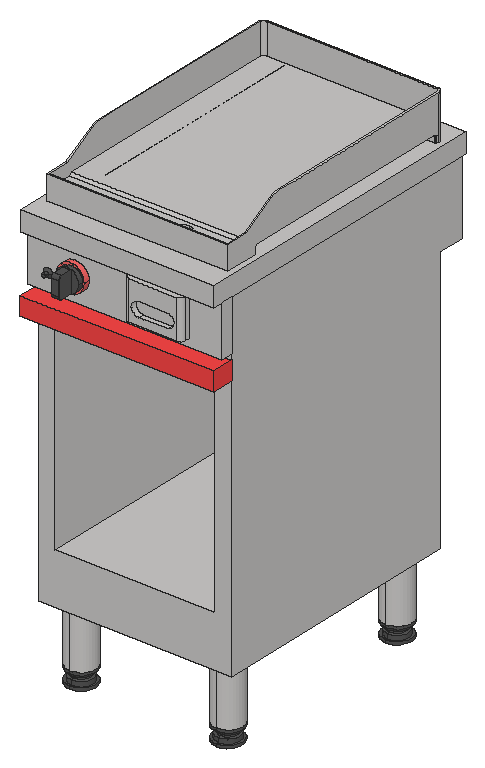
Revit family "ADB Armoire Gril Gaz 410", category Equipement spécialisé, Revit 2022
Family settings
  Cote de connecteur circulaire = Utiliser le diamètre
  Type d'élément = Normal
  Numéro OmniClass = 23.40.40.14.17.11
  Titre OmniClass = Cookers, Ovens, Stoves
  Basée sur le plan de construction = Non
  Toujours verticalement = Oui
  Couper avec des vides une fois chargée = Non
  Conserver l'orientation des annotations = Non
  Partagée = Non
  Repère de localisation dans la pièce = Non
Parameters (values of type "CMG 410 SLKC")
  URL catalogue = "https://www.ambassade-de-bourgogne.com/fr/produits/armoires/grils/Resources/CMG-410-SLKC.pdf"
  URL = "https://www.ambassade-de-bourgogne.com/fr/produits/armoires/grils/Resources/CMG-410-SLKC.pdf"
  Type de Raccord Electrique [instance] = "Bornier 40A"  # constant formula
  Type article = ""
  Tension [instance] = 230 V  # constant formula
  Table = CME_CMG 410 SLK_SLKC : SLKC
  Spécification du Fabricant = ""
  SLK_SLKC = yes
  Remarques Electricité [instance] = "230V(MONO) commutable 400V(TRI)"  # constant formula
  Puissance électrique [instance] = 0 W  # constant formula
  Puissance Gaz kW = 6  # constant formula
  Position interrupteur = 790.062 mm
  Position bouton = 97 mm
  Porte inversée [instance] = no
  Profondeur [instance] = 652 mm + if(Dosseret DSA 400, 50 mm, 0 mm) + if(Porte CPM 400, 53 mm, 0 mm)  # 652 mm
  Porte CPM 400 [instance] = no
  Poids net à vide [instance] = Poids base + if(Dosseret DSA 400, 1.00 kg, 0.00 kg) + if(Porte CPM 400, 5.00 kg, 0.00 kg)  # 68.00 kg
  Poids base [instance] = 68.00 kg
  Phase [instance] = 1  # constant formula
  Nombres de Pôles [instance] = Phase  # 1
  Modèle = "CMG 410 SLKC"
  Longueur [instance] = 400 mm  # constant formula
  Intensité nominale [instance] = Puissance électrique / (230 V * Phase)  # 0 A
  Hauteur [instance] = if(GR_GL, 1015 mm, if(SLK_SLKC, 990 mm, if(and(CKG, Dosseret DSA 400), 1000 mm, 980 mm)))  # 990 mm
  GR_GL = no
  Fréquence [instance] = 50 Hz  # constant formula
  Fabricant = "Société Industrielle de Lacanche"  # constant formula
  F = 810 mm
  Elévation par défaut = 0 mm
  Echelles ECH 400 [instance] = no
  E = 355 mm
  Dosseret DSA 400 [instance] = no
  Dosseret [instance] = if(Dosseret DSA 400, 50 mm, 0 mm)  # 0 mm
  Diamètre de Raccordement Gaz = 20.96 mm  # constant formula
  Description = "Gril chrome lisse gaz"
  Connecteurs [instance] = yes
  Commentaires du type = "Gamme Ambassade - Grils et planchas gaz"
  D = 725 mm
  CKG = no
  C = 200 mm
  Bac = yes
Types (5, lengths in mm): name | URL catalogue | URL | Table | SLK_SLKC | Position interrupteur | Position bouton | Poids net à vide | Poids base | Modèle | Hauteur | GR_GL | Description | CKG | Bac
  CMG 410 GR | "https://www.ambassade-de-bourgogne.com/fr/produits/armoires/grils/Resources/CMG-410-GR.pdf" | "https://www.ambassade-de-bourgogne.com/fr/produits/armoires/grils/Resources/CMG-410-GR.pdf" | CME_CMG 410 GR_GL : GR | no | 790.062 | 97 | 68.00 kg | 68.00 kg | "CMG 410 GR" | 1015 | yes | "Gril fonte nervuré gaz" | no | yes
  CMG 410 GL | "https://www.ambassade-de-bourgogne.com/fr/produits/armoires/grils/Resources/CMG-410-GL.pdf" | "https://www.ambassade-de-bourgogne.com/fr/produits/armoires/grils/Resources/CMG-410-GL.pdf" | CME_CMG 410 GR_GL : GL | no | 790.062 | 97 | 68.00 kg | 68.00 kg | "CMG 410 GL" | 1015 | yes | "Gril fonte lisse gaz" | no | yes
  CMG 410 SLK | "https://www.ambassade-de-bourgogne.com/fr/produits/armoires/grils/Resources/CMG-410-SLK.pdf" | "https://www.ambassade-de-bourgogne.com/fr/produits/armoires/grils/Resources/CMG-410-SLK.pdf" | CME_CMG 410 SLK_SLKC : SLK | yes | 790.062 | 97 | 68.00 kg | 68.00 kg | "CMG 410 SLK" | 990 | no | "Gril acier lisse gaz" | no | yes
  CMG 410 SLKC | "https://www.ambassade-de-bourgogne.com/fr/produits/armoires/grils/Resources/CMG-410-SLKC.pdf" | "https://www.ambassade-de-bourgogne.com/fr/produits/armoires/grils/Resources/CMG-410-SLKC.pdf" | CME_CMG 410 SLK_SLKC : SLKC | yes | 790.062 | 97 | 68.00 kg | 68.00 kg | "CMG 410 SLKC" | 990 | no | "Gril chrome lisse gaz" | no | yes
  CMG 410 CKG | "https://www.ambassade-de-bourgogne.com/fr/produits/armoires/grils/Resources/CMG-410-CKG.pdf" | "https://www.ambassade-de-bourgogne.com/fr/produits/armoires/grils/Resources/CMG-410-CKG.pdf" | CMG410 CKG_gril gaz : CKG | no | 804.5 | 110 | 64.00 kg | 64.00 kg | "CMG 410 CKG" | 980 | no | "Gril Gaz à pierre de lave" | yes | no
Reference planes
  plane 1 "Centre (avant/arrière)": y = 0
  plane 2: z = 0
  plane 3 "Centre (gauche/droite)": x = 0
  plane 4 "gauche": x = -200
  plane 5 "droite": x = 200
  plane 6 "fond de meuble": y = 325
  plane 7 "avant": y = -325
  plane 8 "arrière": y = 325
  plane 9: z = 990
  plane 10: x = 0
  plane 11: z = 725
  plane 12: x = -155
  plane 13: z = 810
  plane 14: x = -103
  plane 15 "Interrupteur": z = 790.062
  plane 16: y = -327
Forms (mm)
  Extrusion 1, solid, material "ADB_Network_Electricity_Yellow", visible <- "Connecteurs", detail levels medium+fine
    sketch origin (200, 315, 707) x (-1, 0, 0) y (0, 0, 1)
      loop
        circle (200, 18) r 10
    from 0 to 10
  Extrusion 2, solid, detail levels coarse
    sketch origin (0, 0, 0) x (1, 0, 0) y (0, 1, 0)
      loop
        line (-200, 325.033) -> (-200, -327) -> (200, -327) -> (200, 325.033) -> (-200, 325.033)
    from 0 to 990 <- "Hauteur"
  Extrusion 3, solid, material "ADB_Stainless Steel-Polished", visible <- "Bac", detail levels fine
    sketch origin (121.5, 0, 0) x (1, 0, 0) y (0, 1, 0)
      loop
        arc (-110, -313.5) -> (-107.218, -320.218) -> (-100.5, -323) r 9.5
        line (-100.5, -323) -> (0.5, -323)
        arc (0.5, -323) -> (7.218, -320.218) -> (10, -313.5) r 9.5
        line (10, -313.5) -> (10, -306) -> (-110, -306) -> (-110, -313.5)
    from 770 to 850
  Extrusion 4, void
    sketch origin (309.416, -306, 860) x (-1, 0, 0) y (0, 0, -1)
      loop
        arc (267.812, 45) -> (282.812, 60) -> (267.812, 75) r 15
        line (267.812, 75) -> (208.021, 75)
        arc (208.021, 75) -> (193.021, 60) -> (208.021, 45) r 15
        line (208.021, 45) -> (267.812, 45)
    from 5 to 38.602
  Revolve 5, solid, material "ADB_Plastic-Black", detail levels fine
    sketch origin (0, 0, 790.062) x (0, -1, 0) y (1, 0, 0)
      loop
        line (306, -168) -> (311, -163) -> (317, -163) -> (317, -159) -> (306, -159) -> (306, -168)
      axis (306, -159) -> (317, -159)
    angle from 0 to 360
  Extrusion 6, solid, material "ADB_Network_Gas_Red", visible <- "Connecteurs", detail levels medium+fine
    sketch origin (45, 315, 777) x (-1, 0, 0) y (0, 0, 1)
      loop
        circle (200, 33) r 10
    from 0 to 10
Cuts and joins
  Extrusion 4 cuts Extrusion 3
Dimensions and locks
  equal spacing: plane 5 "droite", plane 3 "Centre (gauche/droite)", plane 4 "gauche"
  "Longueur": plane 5 "droite" to plane 4 "gauche"
  plane 6 "fond de meuble" to plane 7 "avant" = 650 mm
  locked: plane 7 "avant" to plane 1 "Centre (avant/arrière)" at 325
  "Dosseret": plane 8 "arrière" to plane 6 "fond de meuble"
  "Hauteur": plane 9 to plane 2
  "D": plane 2 to plane 11
  "C": plane 5 "droite" to plane 10
  locked: Extrusion 3 sketch curve to Extrusion 3 sketch curve at 120
  "E": plane 5 "droite" to plane 12
  "F": plane 13 to level
  "Position bouton": plane 4 "gauche" to plane 14
  "Position interrupteur": plane 15 "Interrupteur" to level
  "Profondeur": plane 8 "arrière" to plane 16
  aligned and locked: level to plane 2
  aligned and locked: plane 3 "Centre (gauche/droite)" to nested 1
  aligned and locked: Extrusion 1 sketch curve to plane 10
  aligned and locked: plane 11 to Extrusion 1 sketch curve
  aligned and locked: plane 3 "Centre (gauche/droite)" to nested 3
  aligned and locked: plane 12 to Extrusion 6 sketch curve
  aligned and locked: plane 13 to Extrusion 6 sketch curve
  aligned and locked: nested 2 to plane 14
  aligned and locked: Extrusion 2 to plane 16
Automatic sketch dimensions
  Extrusion 2 sketch curve to plane 4 "gauche" = 0 mm
  Extrusion 2 sketch curve to plane 5 "droite" = 0 mm
  Extrusion 2 sketch curve to plane 7 "avant" = 2 mm
  plane 8 "arrière" to Extrusion 2 sketch curve = 0.033 mm
  plane 4 "gauche" to Extrusion 3 sketch curve = 211.5 mm
  plane 7 "avant" to Extrusion 3 sketch curve = 11.5 mm
  Extrusion 3 sketch curve to Extrusion 3 sketch curve = 9.5 mm  (x2)
  plane 7 "avant" to Extrusion 3 sketch curve = 19 mm
  Extrusion 4 sketch curve to nested 1 = 45 mm
  nested 1 to Extrusion 4 sketch curve = 301.396 mm
  Extrusion 4 sketch curve to Extrusion 4 sketch curve = 59.792 mm
  Extrusion 4 sketch curve to Extrusion 4 sketch curve = 15 mm
  plane 7 "avant" to Revolve 5 sketch curve = 19 mm
  Revolve 5 sketch curve to Revolve 5 sketch curve = 5 mm
  Revolve 5 sketch curve to Revolve 5 sketch curve = 6 mm
  Revolve 5 sketch curve to plane 12 = 13 mm
  Revolve 5 sketch curve to plane 12 = 8 mm
  Revolve 5 sketch curve to plane 12 = 4 mm
  Revolve 5 sketch curve to Revolve 5 sketch curve = 0 mm  (x2)
  Revolve 5 sketch curve to Revolve 5 sketch curve = 0.5 mm
  radius of Extrusion 1 sketch curve = 10 mm
  radius of Extrusion 6 sketch curve = 10 mm
Nested families
  nested 1: "Soubassement armoire" at (0, 0, 0), Dosseret <- "Dosseret DSA 400", Porte <- "Porte CPM 400", Porte inversée <- "Porte inversée", Echelle <- "Echelles ECH 400", type "1 armoire"
    with Profondeur 703 mm, Porte inversée no, Porte no, Longueur 400 mm, Hauteur 900 mm, Encombrement Porte standard no, Encombrement Porte inversée no, Echelle no, Décalage poignée 233.5 mm, Dosseret no, Longueur produit 400 mm
  nested 2: "Bouton" at (-103, -306, 804.565) x (1, 0, 0) z (0, -1, 0), type "Bouton"
  nested 3: "CME_CMG 410 SLK_SLKC" at (0, 0, 900), type <- "Table", type "SLKC", detail levels medium+fine
Connectors
  electrical at (0, 315, 725), driven by "Nombres de Pôles", driven by "Tension", driven by "Puissance électrique"
    settings: on Extrusion 1, index 1, voltage 230 V, apparent load 0 VA, apparent load phase1 0 VA, apparent load phase2 0 VA, apparent load phase3 0 VA, power factor 1, load classification "Autre", number of poles 1, system type 30, power factor state 1, is connector primary yes, connector utility no, sub classification motor no, connector description "Electrique"
  piping at (-155, 315, 810), diameter 20.96, driven by "Diamètre de Raccordement Gaz"
    settings: on Extrusion 6, index 2, connector inside diameter 609.60 mm, connector length 0 mm, flow factor 0, pipe flow 0.0 L/s, pressure drop 0.0 Pa, fitting loss kfactor 0, connector angle 0.00°, fixture units 0, engagement length 0 mm, angle of deflection 0.00°, flow configuration 0, flow direction 1, fitting loss method 0, system type 29, joint type 0, gender type 0, connector reference index -1, connector utility 0, adjustable connector no, is connector primary yes, connector description "Gaz"
Definition of nested family "Soubassement armoire"
  Parameters (values of type "1 armoire")
    Profondeur produit = 650 mm
    Profondeur baie libre = if(Baie libre, Profondeur produit - 68 mm, 1 mm)  # 582 mm
    Porte inversée [instance] = no
    Longueur poignée = 229 mm  # constant formula
    Encombrement Porte inversée [instance] = and(Porte, Porte inversée)  # no
    Encombrement Porte standard [instance] = and(Porte, not(Porte inversée))  # no
    Porte [instance] = no
    Profondeur [instance] = Profondeur produit + if(Dosseret, 50 mm, 0 mm) + 53 mm  # 703 mm
    Longueur produit = 600 mm
    Longueur [instance] = Longueur produit  # 600 mm
    Hauteur produit = 900 mm
    Hauteur [instance] = Hauteur produit + if(Dosseret, 100 mm, 0 mm)  # 900 mm
    Default Elevation = 0 mm
    Echelle [instance] = no
    Décalage poignée [instance] = if(Porte inversée, Longueur, 233.5 mm)  # 233.5 mm
    Dosseret [instance] = no
    Baie libre = yes
  Reference planes
    plane 1 "Centre (avant/arrière)": y = 0
    plane 2: z = 0
    plane 3 "Centre (gauche/droite)": x = 0
    plane 4 "Gauche": x = -300
    plane 5 "Arrière": y = 325
    plane 6 "Droite": x = 300
    plane 7 "Avant": y = -325
    plane 8 "dessous meuble": z = 155
    plane 9 "Dessus de plan": z = 900
    plane 10 "Baguette coloré": z = 696
    plane 11 "dessous plan": z = 860
    plane 12 "Face": y = -280
    plane 13 "commande": z = 755
    plane 14 "dessus dosseret": z = 900
    plane 15: y = -377.967
    plane 16: y = 325.033
    plane 17 "Baguette colorë": y = -780
    plane 18: x = -66.5
  Forms (mm)
    Extrusion 1, solid, visible <- "Porte", detail levels medium+fine
      sketch origin (-300, 0, 0) x (0, 1, 0) y (0, 0, 1)
        loop
          line (-325, 155) -> (-280, 155) -> (-280, 696) -> (-325, 696) -> (-325, 155)
      from 0 to 600 <- "Longueur"
    Extrusion 2, solid, detail levels medium+fine
      sketch origin (-300, 0, 0) x (0, 1, 0) y (0, 0, 1)
        loop
          line (-280, 742.5) -> (-327, 742.5) -> (-327, 705) -> (-280, 705) -> (-280, 742.5)
      from 0 to 600 <- "Longueur"
    Extrusion 3, solid, detail levels medium+fine
      sketch origin (-300, 0, 0) x (0, 1, 0) y (0, 0, 1)
        loop
          line (325, 900) -> (-325, 900) -> (-325, 860) -> (325, 860) -> (325, 900)
      from 0 to 600 <- "Longueur"
    Extrusion 4, void
      sketch origin (0, -325, 0) x (-1, 0, 0) y (0, 0, 1)
        loop
          line (266, 679) -> (-266, 679) -> (-266, 261.5) -> (266, 261.5) -> (266, 679)
      from 0 to 582 <- "Profondeur baie libre"
    Extrusion 5, solid, detail levels medium+fine
      sketch origin (-300, 0, 0) x (0, 1, 0) y (0, 0, 1)
        loop
          line (-280, 860) -> (-306, 860) -> (-306, 755) -> (-280, 755) -> (-280, 860)
      from 0 to 600 <- "Longueur"
    Extrusion 6, solid, detail levels medium+fine
      sketch origin (-300, 0, 0) x (0, 1, 0) y (0, 0, 1)
        loop
          line (315, 860) -> (-280, 860) -> (-280, 155) -> (260, 155) -> (260, 707) -> (315, 707) -> (315, 860)
      from 0 to 600 <- "Longueur"
    Revolve 7, solid, detail levels medium+fine
      sketch origin (251.965, 0, 0) x (0, 1, 0) y (0, 0, -1)
        loop
          line (-258.968, -155) -> (-229, -155) -> (-229, 0) -> (-258.492, 0) -> (-258.492, -5) -> (-253.001, -5) -> (-253.001, -13.586) -> (-248.857, -16.488) -> (-248.857, -22) -> (-252.82, -22) -> (-258.968, -28.148) -> (-258.968, -34) -> (-258.968, -155)
        axis (-229, 0) -> (-229, -155)
      angle from 0 to 360
    Revolve 8, solid, detail levels medium+fine
      sketch origin (-251.965, 0, 0) x (0, 1, 0) y (0, 0, 1)
        loop
          line (-258.968, 155) -> (-258.968, 34) -> (-258.968, 28.148) -> (-252.82, 22) -> (-248.857, 22) -> (-248.857, 16.488) -> (-253.001, 13.586) -> (-253.001, 5) -> (-258.492, 5) -> (-258.492, 0) -> (-229, 0) -> (-229, 155) -> (-258.968, 155)
        axis (-229, 0) -> (-229, 155)
      angle from 0 to 360
    Revolve 9, solid, detail levels medium+fine
      sketch origin (-251.965, -20, 0) x (0, -1, 0) y (0, 0, -1)
        loop
          line (-258.968, -155) -> (-229, -155) -> (-229, 0) -> (-258.492, 0) -> (-258.492, -5) -> (-253.001, -5) -> (-253.001, -13.586) -> (-248.857, -16.488) -> (-248.857, -22) -> (-252.82, -22) -> (-258.968, -28.148) -> (-258.968, -34) -> (-258.968, -155)
        axis (-229, 0) -> (-229, -155)
      angle from 0 to 360
    Extrusion 10, solid, visible <- "Dosseret", detail levels medium+fine
      sketch origin (-300, 0, 0) x (0, 1, 0) y (0, 0, 1)
        loop
          line (375.033, 1000) -> (325, 1000) -> (325, 860) -> (375.033, 860) -> (375.033, 1000)
      from 0 to 600 <- "Longueur"
    Revolve 11, solid, detail levels medium+fine
      sketch origin (251.965, -20, 0) x (0, -1, 0) y (0, 0, 1)
        loop
          line (-258.968, 155) -> (-258.968, 34) -> (-258.968, 28.148) -> (-252.82, 22) -> (-248.857, 22) -> (-248.857, 16.488) -> (-253.001, 13.586) -> (-253.001, 5) -> (-258.492, 5) -> (-258.492, 0) -> (-229, 0) -> (-229, 155) -> (-258.968, 155)
        axis (-229, 0) -> (-229, 155)
      angle from 0 to 360
    Extrusion 12, void
      sketch origin (0, 0, 900) x (0, -1, 0) y (1, 0, 0)
        loop
          line (-307.033, -266.567) -> (-293.033, -266.567) -> (-293.033, 266.464) -> (-307.033, 266.464) -> (-307.033, -266.567)
      from 0 to -0.8
    Extrusion 13, solid, detail levels medium+fine
      sketch origin (-300, 260, 155) x (0, 0, 1) y (1, 0, 0)
        loop
          line (65, 454) -> (65, 146) -> (552, 146) -> (552, 454) -> (65, 454)
      from 0 to 35
    Extrusion 14, solid, visible <- "Echelle", detail levels medium+fine
      sketch origin (0, 0, 0) x (1, 0, 0) y (0, 0, 1)
        loop
          line (-266, 648.8) -> (-266, 623.8) -> (-256.5, 623.8) -> (-256.5, 625) -> (-264.8, 625) -> (-264.8, 647.6) -> (-248, 647.6) -> (-248, 648.8) -> (-266, 648.8)
        loop
          line (-266, 548.8) -> (-266, 523.8) -> (-256.5, 523.8) -> (-256.5, 525) -> (-264.8, 525) -> (-264.8, 547.6) -> (-248, 547.6) -> (-248, 548.8) -> (-266, 548.8)
        loop
          line (-266, 448.8) -> (-266, 423.8) -> (-256.5, 423.8) -> (-256.5, 425) -> (-264.8, 425) -> (-264.8, 447.6) -> (-248, 447.6) -> (-248, 448.8) -> (-266, 448.8)
        loop
          line (-266, 348.8) -> (-266, 323.8) -> (-256.5, 323.8) -> (-256.5, 325) -> (-264.8, 325) -> (-264.8, 347.6) -> (-248, 347.6) -> (-248, 348.8) -> (-266, 348.8)
      from -113.466 to 206.5
    Extrusion 15, solid, visible <- "Echelle", detail levels medium+fine
      sketch origin (0, 0, 0) x (-1, 0, 0) y (0, 0, -1)
        loop
          line (-266, -648.8) -> (-248, -648.8) -> (-248, -647.6) -> (-264.8, -647.6) -> (-264.8, -625) -> (-256.5, -625) -> (-256.5, -623.8) -> (-266, -623.8) -> (-266, -648.8)
        loop
          line (-266, -548.8) -> (-248, -548.8) -> (-248, -547.6) -> (-264.8, -547.6) -> (-264.8, -525) -> (-256.5, -525) -> (-256.5, -523.8) -> (-266, -523.8) -> (-266, -548.8)
        loop
          line (-266, -448.8) -> (-248, -448.8) -> (-248, -447.6) -> (-264.8, -447.6) -> (-264.8, -425) -> (-256.5, -425) -> (-256.5, -423.8) -> (-266, -423.8) -> (-266, -448.8)
        loop
          line (-266, -348.8) -> (-248, -348.8) -> (-248, -347.6) -> (-264.8, -347.6) -> (-264.8, -325) -> (-256.5, -325) -> (-256.5, -323.8) -> (-266, -323.8) -> (-266, -348.8)
      from -113.466 to 206.5
  Cuts and joins
    Extrusion 4 cuts Extrusion 6
    Extrusion 12 cuts Extrusion 10
  Lines and regions (mm)
    symbolic lines, visible <- "Encombrement Porte standard"
      curve 1: line (300, -280, 155) -> (300, -880, 155)
      curve 4: arc (-300, -280, 155) -> (-124.264, -704.264, 155) -> (300, -880, 155) r 600
    symbolic lines, visible <- "Encombrement Porte inversée"
      curve 2: line (-300, -280, 155) -> (-300, -880, 155)
      curve 3: arc (300, -280, 155) -> (124.264, -704.264, 155) -> (-300, -880, 155) r 600
  Dimensions and locks
    equal spacing: plane 7 "Avant", plane 1 "Centre (avant/arrière)", plane 5 "Arrière"
    "Profondeur produit": plane 5 "Arrière" to plane 7 "Avant"
    equal spacing: plane 4 "Gauche", plane 3 "Centre (gauche/droite)", plane 6 "Droite"
    "Longueur produit": plane 4 "Gauche" to plane 6 "Droite"
    "Hauteur produit": plane 9 "Dessus de plan" to plane 2
    locked: plane 8 "dessous meuble" to plane 2 at 155
    locked: plane 9 "Dessus de plan" to plane 11 "dessous plan" at 40
    locked: plane 7 "Avant" to plane 12 "Face" at 45
    locked: plane 13 "commande" to plane 10 "Baguette coloré" at 59
    locked: plane 11 "dessous plan" to plane 13 "commande" at 105
    Extrusion 4 sketch curve to plane 8 "dessous meuble" = 106.5 mm
    Extrusion 4 sketch curve to plane 6 "Droite" = 34 mm
    Extrusion 4 sketch curve to plane 4 "Gauche" = 34 mm
    plane 10 "Baguette coloré" to Extrusion 4 sketch curve = 17 mm
    "Hauteur": plane 14 "dessus dosseret" to plane 2
    locked: plane 7 "Avant" to plane 15 at 52.967
    "Profondeur": plane 15 to plane 16
    equal spacing: Extrusion 13 sketch curve, plane 3 "Centre (gauche/droite)", Extrusion 13 sketch curve
    "Décalage poignée": plane 18 to plane 4 "Gauche"
    locked: plane 4 "Gauche" to Revolve 9 at 18.067
    locked: Revolve 11 to plane 6 "Droite" at 18.067
    locked: Revolve 7 to plane 6 "Droite" at 18.067
    locked: plane 4 "Gauche" to Revolve 8 at 18.067
    locked: Revolve 8 to plane 12 "Face" at 21.032
    locked: Revolve 7 to plane 12 "Face" at 21.032
    locked: plane 5 "Arrière" to Extrusion 10 sketch curve at 50.033
    plane 16 to Extrusion 12 sketch curve to Extrusion 12 sketch curve = 18 mm locked, 14 mm locked
    aligned and locked: level to plane 2
    aligned and locked: plane 18 to nested 1
  Automatic sketch dimensions
    Extrusion 1 sketch curve to plane 7 "Avant" = 0 mm
    Extrusion 1 sketch curve to plane 10 "Baguette coloré" = 0 mm
    Extrusion 1 sketch curve to plane 12 "Face" = 0 mm
    Extrusion 1 sketch curve to plane 8 "dessous meuble" = 0 mm
    Extrusion 2 sketch curve to plane 12 "Face" = 0 mm
    Extrusion 2 sketch curve to plane 7 "Avant" = 2 mm
    plane 10 "Baguette coloré" to Extrusion 2 sketch curve = 9 mm
    Extrusion 2 sketch curve to plane 13 "commande" = 12.5 mm
    Extrusion 3 sketch curve to plane 7 "Avant" = 0 mm
    Extrusion 3 sketch curve to plane 5 "Arrière" = 0 mm
    Extrusion 3 sketch curve to plane 11 "dessous plan" = 0 mm
    Extrusion 3 sketch curve to plane 9 "Dessus de plan" = 0 mm
    Extrusion 5 sketch curve to plane 11 "dessous plan" = 0 mm
    Extrusion 5 sketch curve to plane 13 "commande" = 0 mm
    Extrusion 5 sketch curve to plane 12 "Face" = 0 mm
    plane 7 "Avant" to Extrusion 5 sketch curve = 19 mm
    Extrusion 6 sketch curve to plane 11 "dessous plan" = 0 mm
    Extrusion 6 sketch curve to plane 12 "Face" = 0 mm
    Extrusion 6 sketch curve to plane 8 "dessous meuble" = 0 mm
    Extrusion 6 sketch curve to plane 5 "Arrière" = 65 mm
    Extrusion 6 sketch curve to plane 5 "Arrière" = 10 mm
    plane 10 "Baguette coloré" to Extrusion 6 sketch curve = 11 mm
    Revolve 7 sketch curve to plane 8 "dessous meuble" = 0 mm
    Revolve 7 sketch curve to level = 0 mm
    plane 12 "Face" to Revolve 7 sketch curve = 21.032 mm
    plane 12 "Face" to Revolve 7 sketch curve = 21.508 mm
    Revolve 7 sketch curve to Revolve 7 sketch curve = 5.491 mm
    Revolve 7 sketch curve to Revolve 7 sketch curve = 0.181 mm
    Revolve 7 sketch curve to Revolve 7 sketch curve = 3.964 mm
    Revolve 7 sketch curve to Revolve 7 sketch curve = 24.001 mm
    level to Revolve 7 sketch curve = 34 mm
    Revolve 7 sketch curve to Revolve 7 sketch curve = 5.852 mm
    Revolve 7 sketch curve to Revolve 7 sketch curve = 6.148 mm
    Revolve 7 sketch curve to Revolve 7 sketch curve = 5.512 mm
    Revolve 7 sketch curve to Revolve 7 sketch curve = 2.902 mm
    level to Revolve 7 sketch curve = 5 mm
    Revolve 7 sketch curve to Revolve 7 sketch curve = 0 mm
    plane 8 "dessous meuble" to Revolve 7 sketch curve = 19 mm
    Revolve 7 sketch curve to Revolve 7 sketch curve = 12 mm
    Revolve 8 sketch curve to plane 8 "dessous meuble" = 0 mm
    Revolve 8 sketch curve to level = 0 mm
    plane 12 "Face" to Revolve 8 sketch curve = 21.032 mm
    plane 12 "Face" to Revolve 8 sketch curve = 21.508 mm
    Revolve 8 sketch curve to Revolve 8 sketch curve = 5.491 mm
    Revolve 8 sketch curve to Revolve 8 sketch curve = 0.181 mm
    Revolve 8 sketch curve to Revolve 8 sketch curve = 3.964 mm
    Revolve 8 sketch curve to Revolve 8 sketch curve = 24.001 mm
    level to Revolve 8 sketch curve = 5 mm
    Revolve 8 sketch curve to Revolve 8 sketch curve = 8.586 mm
    Revolve 8 sketch curve to Revolve 8 sketch curve = 2.902 mm
    Revolve 8 sketch curve to Revolve 8 sketch curve = 5.512 mm
    Revolve 8 sketch curve to Revolve 8 sketch curve = 6.148 mm
    Revolve 8 sketch curve to Revolve 8 sketch curve = 5.852 mm
    Revolve 8 sketch curve to Revolve 8 sketch curve = 0 mm
    Revolve 8 sketch curve to Revolve 8 sketch curve = 12 mm
    plane 8 "dessous meuble" to Revolve 8 sketch curve = 19 mm
    Revolve 9 sketch curve to plane 8 "dessous meuble" = 0 mm
    Revolve 9 sketch curve to level = 0 mm
    level to Revolve 9 sketch curve = 28.148 mm
    Revolve 9 sketch curve to plane 5 "Arrière" = 86.032 mm
    Revolve 9 sketch curve to Revolve 9 sketch curve = 0.477 mm
    level to Revolve 9 sketch curve = 13.586 mm
    Revolve 9 sketch curve to Revolve 9 sketch curve = 5.491 mm
    Revolve 9 sketch curve to Revolve 9 sketch curve = 0.181 mm
    Revolve 9 sketch curve to Revolve 9 sketch curve = 3.964 mm
    Revolve 9 sketch curve to Revolve 9 sketch curve = 24.001 mm
    Revolve 9 sketch curve to Revolve 9 sketch curve = 5.852 mm
    Revolve 9 sketch curve to Revolve 9 sketch curve = 8.414 mm
    Revolve 9 sketch curve to Revolve 9 sketch curve = 2.902 mm
    level to Revolve 9 sketch curve = 5 mm
    Revolve 9 sketch curve to Revolve 9 sketch curve = 0 mm
    plane 8 "dessous meuble" to Revolve 9 sketch curve = 19 mm
    Revolve 9 sketch curve to Revolve 9 sketch curve = 12 mm
    Extrusion 10 sketch curve to plane 5 "Arrière" = 0 mm
    Extrusion 10 sketch curve to plane 11 "dessous plan" = 0 mm
    plane 9 "Dessus de plan" to Extrusion 10 sketch curve = 100 mm
    curve 3 to plane 6 "Droite" = 0 mm
    curve 3 to plane 4 "Gauche" = 0 mm
    curve 4 to plane 4 "Gauche" = 0 mm
    curve 4 to plane 12 "Face" = 0 mm
    curve 2 to plane 12 "Face" = 0 mm
    curve 3 to plane 12 "Face" = 0 mm
    Revolve 11 sketch curve to plane 8 "dessous meuble" = 0 mm
    Revolve 11 sketch curve to level = 0 mm
    level to Revolve 11 sketch curve = 28.148 mm
    Revolve 11 sketch curve to plane 5 "Arrière" = 86.032 mm
    Revolve 11 sketch curve to Revolve 11 sketch curve = 0.477 mm
    level to Revolve 11 sketch curve = 13.586 mm
    Revolve 11 sketch curve to Revolve 11 sketch curve = 5.491 mm
    Revolve 11 sketch curve to Revolve 11 sketch curve = 0.181 mm
    Revolve 11 sketch curve to Revolve 11 sketch curve = 3.964 mm
    Revolve 11 sketch curve to Revolve 11 sketch curve = 24.001 mm
    level to Revolve 11 sketch curve = 5 mm
    Revolve 11 sketch curve to Revolve 11 sketch curve = 2.902 mm
    Revolve 11 sketch curve to Revolve 11 sketch curve = 5.512 mm
    Revolve 11 sketch curve to Revolve 11 sketch curve = 5.852 mm
    Revolve 11 sketch curve to Revolve 11 sketch curve = 0 mm
    Revolve 11 sketch curve to Revolve 11 sketch curve = 12 mm
    plane 8 "dessous meuble" to Revolve 11 sketch curve = 19 mm
    plane 4 "Gauche" to Extrusion 12 sketch curve = 33.433 mm
    plane 6 "Droite" to Extrusion 12 sketch curve = 33.536 mm
    Extrusion 13 sketch curve to Extrusion 6 = 0 mm
    Extrusion 6 to Extrusion 13 sketch curve = 65 mm
    Extrusion 6 to Extrusion 13 sketch curve = 146 mm
    plane 4 "Gauche" to Extrusion 14 sketch curve = 34 mm  (x4)
    Extrusion 14 sketch curve to Extrusion 14 sketch curve = 1.2 mm  (x12)
    Extrusion 14 sketch curve to Extrusion 14 sketch curve = 8.3 mm  (x4)
    Extrusion 14 sketch curve to Extrusion 14 sketch curve = 16.8 mm  (x4)
    plane 8 "dessous meuble" to Extrusion 14 sketch curve = 168.8 mm
    Extrusion 14 sketch curve to Extrusion 14 sketch curve = 22.6 mm  (x4)
    Extrusion 14 sketch curve to Extrusion 14 sketch curve = 75 mm  (x2)
    Extrusion 14 sketch curve to plane 10 "Baguette coloré" = 72.2 mm
    plane 6 "Droite" to Extrusion 15 sketch curve = 34 mm  (x4)
    Extrusion 15 sketch curve to Extrusion 15 sketch curve = 1.2 mm  (x12)
    Extrusion 15 sketch curve to Extrusion 15 sketch curve = 8.3 mm  (x4)
    Extrusion 15 sketch curve to Extrusion 15 sketch curve = 16.8 mm  (x4)
    Extrusion 15 sketch curve to plane 10 "Baguette coloré" = 47.2 mm
    Extrusion 15 sketch curve to Extrusion 15 sketch curve = 22.6 mm  (x4)
    Extrusion 15 sketch curve to Extrusion 15 sketch curve = 75 mm  (x3)
    curve 1 to plane 6 "Droite" = 0 mm
    curve 1 to plane 12 "Face" = 0 mm
  Nested families
    nested 1: "Poignée" at (-181, -325, 681.933) x (1, 0, 0) z (0, -1, 0), visible <- "Porte", Longueur <- "Longueur poignée", type "Poignée", detail levels fine
      with Longueur 229 mm
  Definition of nested family "Poignée"
    Parameters (values of type "Poignée")
      Longueur [instance] = 800 mm
      Default Elevation = 1219.2 mm
    Reference planes
      plane 1 "Centre (avant/arrière)": y = 0
      plane 2: z = 0
      plane 3 "Centre (gauche/droite)": x = 0
      plane 4: x = -400
      plane 5: x = 400
      plane 6: x = -395
      plane 7: x = 395
    Forms (mm)
      Extrusion 1, solid
        sketch origin (0, 0, 0) x (1, 0, 0) y (0, 1, 0)
          loop
            line (-1219.2, 1219.2) -> (-1219.2, -1219.2) -> (1219.2, -1219.2) -> (1219.2, 1219.2) -> (-1219.2, 1219.2)
        from 0 to -304.8
      Extrusion 2, solid
        sketch origin (0, 0, 0) x (0, 1, 0) y (0, 0, 1)
          loop
            circle (0, 38.995) r 13.972
        from -395 to 395
      Extrusion 3, solid
        sketch origin (0, 0, 0) x (1, 0, 0) y (0, 1, 0)
          loop
            circle (-363.542, 0) r 8.5
          loop
            circle (363.453, 0) r 8.5
        from 0 to 37.089
    Cuts and joins
      joined: Extrusion 2, Extrusion 3
    Dimensions and locks
      equal spacing: plane 4, plane 3 "Centre (gauche/droite)", plane 5
      "Longueur": plane 4 to plane 5
      locked: plane 4 to plane 6 at 5
      locked: plane 7 to plane 5 at 5
      locked: plane 6 to Extrusion 3 sketch curve at 31.458
      locked: Extrusion 3 sketch curve to plane 7 at 31.547
      aligned and locked: plane 2 to Extrusion 1
      aligned and locked: level to Extrusion 1
      aligned and locked: plane 6 to Extrusion 2
      aligned and locked: Extrusion 2 to plane 7
      aligned and locked: plane 1 "Centre (avant/arrière)" to Extrusion 3 sketch curve
    Automatic sketch dimensions
      Extrusion 1 sketch curve to Extrusion 1 sketch curve = 2438.4 mm  (x2)
      Extrusion 2 sketch curve to plane 1 "Centre (avant/arrière)" = 0 mm
      level to Extrusion 2 sketch curve = 38.995 mm
      plane 1 "Centre (avant/arrière)" to Extrusion 3 sketch curve = 0 mm
      radius of Extrusion 2 sketch curve = 13.972 mm
      radius of Extrusion 3 sketch curve = 8.5 mm  (x2)
Definition of nested family "Bouton"
  Parameters (values of type "Bouton")
    Matériau base bouton = none
    Default Elevation = 1219.2 mm
  Reference planes
    plane 1 "Centre (avant/arrière)": y = 0
    plane 2: z = 0
    plane 3 "Centre (gauche/droite)": x = 0
  Forms (mm)
    Extrusion 1, solid
      sketch origin (0, 0, 0) x (1, 0, 0) y (0, 1, 0)
        loop
          line (-1219.2, 1219.2) -> (-1219.2, -1219.2) -> (1219.2, -1219.2) -> (1219.2, 1219.2) -> (-1219.2, 1219.2)
      from 0 to -304.8
    Extrusion 2, solid, material <- "Matériau base bouton", detail levels fine
      sketch origin (0, 0, 0) x (1, 0, 0) y (0, 1, 0)
        loop
          circle (0, 0) r 28.5
      from 0 to 11.5
    Extrusion 3, solid, detail levels fine
      sketch origin (0, 0, 0) x (1, 0, 0) y (0, 1, 0)
        loop
          circle (0, 0) r 24.1
      from 11.5 to 20.5
    Extrusion 4, solid, detail levels fine
      sketch origin (0, 0, 0) x (1, 0, 0) y (0, 0, 1)
        loop
          line (-8.082, 20.5) -> (8.082, 20.5) -> (7.58, 49.253)
          arc (7.58, 49.253) -> (6.684, 51.34) -> (4.581, 52.2) r 3
          line (4.581, 52.2) -> (-4.581, 52.2)
          arc (-4.581, 52.2) -> (-6.684, 51.34) -> (-7.58, 49.253) r 3
          line (-7.58, 49.253) -> (-8.082, 20.5)
      from -22.082 to 22.162
    Extrusion 5, void
      sketch origin (0, 0, 0) x (0, 1, 0) y (0, 0, 1)
        loop
          line (-15.762, 50.701) -> (15.682, 50.701)
          arc (15.682, 50.701) -> (20.208, 48.826) -> (22.082, 44.301) r 6.4
          line (22.082, 44.301) -> (22.082, 41.701) -> (24.232, 41.701) -> (24.232, 54.688) -> (-24.768, 54.688) -> (-24.768, 41.701) -> (-22.162, 41.701) -> (-22.162, 44.301)
          arc (-22.162, 44.301) -> (-20.287, 48.826) -> (-15.762, 50.701) r 6.4
      from -15.908 to 13.709
  Cuts and joins
    Extrusion 5 cuts Extrusion 4
  Lines and regions (mm)
    symbolic lines, detail levels fine
      curve 1: line (0, -28.5, 0) -> (0, 28.5, 0)
  Dimensions and locks
    aligned and locked: plane 2 to Extrusion 1
    aligned and locked: level to Extrusion 1
Definition of nested family "CME_CMG 410 SLK_SLKC"
  Parameters (values of type "SLKC")
    Longueur plancha = Longueur - 26 mm  # 374 mm
    Habillage = none
    Longueur = 400 mm
    Largeur = 650 mm
    Default Elevation = 1219.2 mm
  Types (3): name
    (no name)
    SLK
    SLKC
  Reference planes
    plane 1 "Centre (avant/arrière)": y = 0
    plane 2: z = 0
    plane 3 "Centre (gauche/droite)": x = 0
    plane 4: y = 325
    plane 5: y = -325
    plane 6: x = 200
    plane 7: x = -200
    plane 8: x = -187
    plane 9: x = 187
  Forms (mm)
    Extrusion 1, solid
      sketch origin (0, 0, 0) x (1, 0, 0) y (0, 1, 0)
        loop
          line (-1219.2, 1219.2) -> (-1219.2, -1219.2) -> (1219.2, -1219.2) -> (1219.2, 1219.2) -> (-1219.2, 1219.2)
      from 0 to -304.8
    Extrusion 2, solid, material <- "Habillage"
      sketch origin (0, 0, 0) x (1, 0, 0) y (0, 1, 0)
        loop
          line (-187, 272.048) -> (-187, -273.983) -> (187, -273.983) -> (187, 272.048)
          arc (187, 272.048) -> (183.778, 279.826) -> (176, 283.048) r 11
          line (176, 283.048) -> (-176, 283.048)
          arc (-176, 283.048) -> (-183.778, 279.826) -> (-187, 272.048) r 11
        loop
          line (-184, 272.048) -> (-184, -270.983) -> (184, -270.983) -> (184, 272.048)
          arc (184, 272.048) -> (181.657, 277.705) -> (176, 280.048) r 8
          line (176, 280.048) -> (-176, 280.048)
          arc (-176, 280.048) -> (-181.657, 277.705) -> (-184, 272.048) r 8
      from 0 to 92.033
    Extrusion 3, void
      sketch origin (0, 0, 0) x (0, 1, 0) y (0, 0, 1)
        loop
          line (-104, 112) -> (-285.597, 112) -> (-285.597, 49.448) -> (-223.976, 49.403) -> (-161.719, 85.347)
          arc (-161.719, 85.347) -> (-149.684, 90.332) -> (-136.769, 92.033) r 49.9
          line (-136.769, 92.033) -> (-104, 92.033) -> (-104, 112)
      from -200 to 200
    Extrusion 4, solid, material <- "Habillage"
      sketch origin (0, 0.952, 0) x (1, 0, 0) y (0, 1, 0)
        loop
          line (176, 279.096) -> (-176, 279.096)
          arc (-176, 279.096) -> (-181.657, 276.753) -> (-184, 271.096) r 8
          line (-184, 271.096) -> (-184, -271.935) -> (184, -271.935) -> (184, 271.096)
          arc (184, 271.096) -> (181.657, 276.753) -> (176, 279.096) r 8
      from 0 to 29.492
    Extrusion 5, void
      sketch origin (0, 0, 0) x (0, 1, 0) y (0, 0, 1)
        loop
          line (-266.126, 28.524) -> (-261.04, 23.612) -> (-221.046, 24.309) -> (-210.298, 35.437) -> (-270.983, 35.437) -> (-270.983, 28.44) -> (-266.126, 28.524)
      from -280 to 280
    Extrusion 6, void
      sketch origin (0, 0, 0) x (1, 0, 0) y (0, 1, 0)
        loop
          circle (72.021, -245.004) r 15
      from 0 to 61.472
    Extrusion 7, void
      sketch origin (0, 0, 0) x (0, 1, 0) y (0, 0, 1)
        loop
          line (-203.012, 12.383) -> (-203.012, 0) -> (266.988, 0) -> (266.988, 11.783)
          arc (266.988, 11.783) -> (265.348, 15.743) -> (261.388, 17.383) r 5.6
          line (261.388, 17.383) -> (-198.012, 17.383)
          arc (-198.012, 17.383) -> (-201.548, 15.919) -> (-203.012, 12.383) r 5
      from -200 to 200
    Extrusion 8, void
      sketch origin (0, 0, 0) x (1, 0, 0) y (0, 0, 1)
        loop
          line (135, 25.033) -> (-135, 25.033)
          arc (-135, 25.033) -> (-138.536, 23.568) -> (-140, 20.033) r 5
          line (-140, 20.033) -> (-140, 0) -> (140, 0) -> (140, 20.033)
          arc (140, 20.033) -> (138.536, 23.568) -> (135, 25.033) r 5
      from -325 to 203.012
  Cuts and joins
    Extrusion 3, Extrusion 7, Extrusion 8 cuts Extrusion 2
    Extrusion 5, Extrusion 6, Extrusion 7, Extrusion 8 cuts Extrusion 4
  Dimensions and locks
    "Largeur": plane 5 to plane 4
    "Longueur": plane 7 to plane 6
    "Longueur plancha": plane 8 to plane 9
    equal spacing: plane 7, plane 3 "Centre (gauche/droite)", plane 6
    equal spacing: plane 8, plane 3 "Centre (gauche/droite)", plane 9
    aligned and locked: plane 2 to Extrusion 1
    aligned and locked: level to Extrusion 1
    aligned and locked: plane 8 to Extrusion 2 sketch curve
    aligned and locked: plane 9 to Extrusion 2 sketch curve
  Automatic sketch dimensions
    Extrusion 1 sketch curve to Extrusion 1 sketch curve = 2438.4 mm  (x2)
    Extrusion 4 sketch curve to plane 5 = 54.017 mm
    plane 4 to Extrusion 4 sketch curve = 52.952 mm
    Extrusion 6 sketch curve to plane 5 = 79.996 mm
    Extrusion 4 sketch curve to plane 7 = 24 mm
    Extrusion 4 sketch curve to plane 7 = 16 mm
    plane 3 "Centre (gauche/droite)" to Extrusion 6 sketch curve = 72.021 mm
    plane 6 to Extrusion 4 sketch curve = 24 mm
    plane 9 to Extrusion 4 sketch curve = 3 mm
    Extrusion 2 sketch curve to plane 8 = 3 mm
    Extrusion 2 sketch curve to Extrusion 2 sketch curve = 8 mm
    Extrusion 2 sketch curve to Extrusion 2 sketch curve = 0 mm  (x3)
    plane 9 to Extrusion 2 sketch curve = 11 mm
    plane 9 to Extrusion 2 sketch curve = 3 mm
    Extrusion 2 sketch curve to plane 5 = 51.017 mm
    Extrusion 2 sketch curve to Extrusion 2 sketch curve = 3 mm
    plane 4 to Extrusion 2 sketch curve = 52.952 mm
    Extrusion 3 sketch curve to plane 5 = 39.403 mm
    level to Extrusion 3 sketch curve = 49.403 mm
    Extrusion 3 sketch curve to Extrusion 3 sketch curve = 61.621 mm
    Extrusion 3 sketch curve to Extrusion 3 sketch curve = 62.257 mm
    Extrusion 3 sketch curve to Extrusion 3 sketch curve = 24.95 mm
    level to Extrusion 3 sketch curve = 42.133 mm
    Extrusion 3 sketch curve to Extrusion 3 sketch curve = 43.215 mm
    Extrusion 3 sketch curve to Extrusion 3 sketch curve = 62.597 mm
    Extrusion 3 sketch curve to Extrusion 3 sketch curve = 32.769 mm
    level to Extrusion 3 sketch curve = 49.448 mm
    level to Extrusion 5 sketch curve = 28.44 mm
    Extrusion 5 sketch curve to plane 5 = 58.874 mm
    level to Extrusion 5 sketch curve = 23.612 mm
    Extrusion 5 sketch curve to Extrusion 5 sketch curve = 5.086 mm
    level to Extrusion 5 sketch curve = 24.309 mm
    Extrusion 5 sketch curve to Extrusion 5 sketch curve = 39.994 mm
    Extrusion 5 sketch curve to Extrusion 5 sketch curve = 4.857 mm
    Extrusion 5 sketch curve to Extrusion 5 sketch curve = 10.748 mm
    Extrusion 5 sketch curve to Extrusion 5 sketch curve = 0.085 mm
    Extrusion 5 sketch curve to Extrusion 5 sketch curve = 6.998 mm
    level to Extrusion 7 sketch curve = 12.383 mm
    Extrusion 7 sketch curve to plane 5 = 121.988 mm
    Extrusion 7 sketch curve to Extrusion 7 sketch curve = 5 mm
    level to Extrusion 7 sketch curve = 11.783 mm
    plane 4 to Extrusion 7 sketch curve = 63.612 mm
    Extrusion 7 sketch curve to level = 0 mm
    Extrusion 8 sketch curve to plane 8 = 47 mm
    Extrusion 8 sketch curve to Extrusion 8 sketch curve = 5 mm  (x2)
    level to Extrusion 8 sketch curve = 20.033 mm
    plane 9 to Extrusion 8 sketch curve = 52 mm
    level to Extrusion 8 sketch curve = 0 mm
    radius of Extrusion 6 sketch curve = 15 mm
